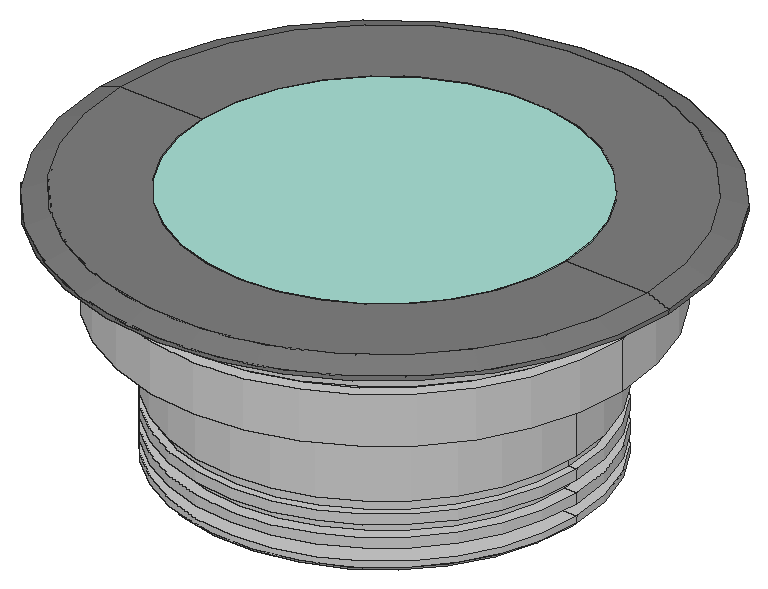
Revit family "Bright 5.F", category Lighting Fixtures, host Face, Revit 2017 (continued)
Types (16, lengths in mm): name | Wattage | Power | Photometric Web File | Optics | built-in parameter 1150142 | built-in parameter 1150105 | Lumens | built-in parameter 1150106 | Apparent Load Phase 1
  Bright 5.F W 15°x47° (3000K 19W 24Vdc) | 10.354 W | "19W" | "BRIGHT 5.F W 15°x47° [3000K 19W 24Vdc].IES" | "15°x47°" | "IESNA:LM-63-2002\r\n[TEST] 20190614-1155.LDT\r\n[TESTLAB] L&L\r\n[TESTDATE] 14 Jun 2019\r\n[ISSUEDATE] 14 Jun 2019\r\n[MANUFAC] L&L\r\n[LUMCAT] BRIGHT 5.F W 15°x47° [3000K 19W 24Vdc]\r\n[LUMINAIRE] BRIGHT 5.F W 15°x47° [3000K 19W 24Vdc]\r\n[FLASHAREA] 0.001900\r\n[LAMPCAT] Power LED High Intensity\r\n[LAMP] Power LED High Intensity\r\nTILT=NONE\r\n3 392.00 1.0 181 73 1 2 -0.100 -0.100 0.000\r\n1.00 1.00 19.00\r\n0.00 1.00 2.00 3.00 4.00 5.00 6.00 7.00 8.00 9.00 10.00 \r\n11.00 12.00 13.00 14.00 15.00 16.00 17.00 18.00 19.00 \r\n20.00 21.00 22.00 23.00 24.00 25.00 26.00 27.00 28.00 \r\n29.00 30.00 31.00 32.00 33.00 34.00 35.00 36.00 37.00 \r\n38.00 39.00 40.00 41.00 42.00 43.00 44.00 45.00 46.00 \r\n47.00 48.00 49.00 50.00 51.00 52.00 53.00 54.00 55.00 \r\n56.00 57.00 58.00 59.00 60.00 61.00 62.00 63.00 64.00 \r\n65.00 66.00 67.00 68.00 69.00 70.00 71.00 72.00 73.00 \r\n74.00 75.00 76.00 77.00 78.00 79.00 80.00 81.00 82.00 \r\n83.00 84.00 85.00 86.00 87.00 88.00 89.00 90.00 91.00 \r\n92.00 93.00 94.00 95.00 96.00 97.00 98.00 99.00 100.00 \r\n101.00 102.00 103.00 104.00 105.00 106.00 107.00 108.00 \r\n109.00 110.00 111.00 112.00 113.00 114.00 115.00 116.00 \r\n117.00 118.00 119.00 120.00 121.00 122.00 123.00 124.00 \r\n125.00 126.00 127.00 128.00 129.00 130.00 131.00 132.00 \r\n133.00 134.00 135.00 136.00 137.00 138.00 139.00 140.00 \r\n141.00 142.00 143.00 144.00 145.00 146.00 147.00 148.00 \r\n149.00 150.00 151.00 152.00 153.00 154.00 155.00 156.00 \r\n157.00 158.00 159.00 160.00 161.00 162.00 163.00 164.00 \r\n165.00 166.00 167.00 168.00 169.00 170.00 171.00 172.00 \r\n173.00 174.00 175.00 176.00 177.00 178.00 179.00 180.00 \r\n0.00 5.00 10.00 15.00 20.00 25.00 30.00 35.00 40.00 45.00 \r\n50.00 55.00 60.00 65.00 70.00 75.00 80.00 85.00 90.00 \r\n95.00 100.00 105.00 110.00 115.00 120.00 125.00 130.00 \r\n135.00 140.00 145.00 150.00 155.00 160.00 165.00 170.00 \r\n175.00 180.00 185.00 190.00 195.00 200.00 205.00 210.00 \r\n215.00 220.00 225.00 230.00 235.00 240.00 245.00 250.00 \r\n255.00 260.00 265.00 270.00 275.00 280.00 285.00 290.00 \r\n295.00 300.00 305.00 310.00 315.00 320.00 325.00 330.00 \r\n335.00 340.00 345.00 350.00 355.00 360.00 \r\n4679.93 4682.91 4650.05 4600.48 4532.96 4463.03 4399.09 \r\n4338.50 4289.44 4254.31 4229.63 4213.39 4196.46 4171.37 \r\n4128.23 4061.15 3970.06 3834.75 3661.12 3458.69 3231.16 \r\n2977.40 2720.12 2433.29 2168.01 1888.70 1643.51 1402.38 \r\n1196.10 996.89 841.76 693.87 568.46 468.59 388.37 325.61 \r\n270.39 228.51 193.14 164.85 139.99 119.35 98.13 82.97 \r\n69.41 59.24 51.62 44.90 39.75 34.52 29.89 25.77 22.25 \r\n18.66 15.96 13.22 11.18 9.17 7.66 6.52 5.61 4.84 4.22 \r\n3.64 3.15 2.77 2.41 2.14 1.91 1.69 1.52 1.33 1.12 0.92 \r\n0.76 0.64 0.56 0.50 0.45 0.41 0.37 0.33 0.30 0.26 0.23 \r\n0.19 0.16 0.13 0.09 0.04 0.01 0.00 0.00 0.00 0.00 0.00 \r\n0.00 0.00 0.00 0.00 0.00 0.00 0.00 0.00 0.00 0.00 0.00 \r\n0.00 0.00 0.00 0.00 0.00 0.00 0.00 0.00 0.00 0.00 0.00 \r\n0.00 0.00 0.00 0.00 0.00 0.00 0.00 0.00 0.00 0.00 0.00 \r\n0.00 0.00 0.00 0.00 0.00 0.00 0.00 0.00 0.00 0.00 0.00 \r\n0.00 0.00 0.00 0.00 0.00 0.00 0.00 0.00 0.00 0.00 0.00 \r\n0.00 0.00 0.00 0.00 0.00 0.00 0.00 0.00 0.00 0.00 0.00 \r\n0.00 0.00 0.00 0.00 0.00 0.00 0.00 0.00 0.00 0.00 0.00 \r\n0.00 0.00 0.00 0.00 0.00 0.00 0.00 0.00 \r\n4679.93 4684.28 4648.88 4598.13 4527.01 4454.72 4378.32 \r\n4313.86 4260.24 4218.38 4186.75 4163.85 4135.34 4099.98 \r\n4047.87 3971.26 3869.77 3724.18 3553.84 3350.13 3112.19 \r\n2863.65 2613.50 2338.79 2068.73 1815.54 1567.78 1343.34 \r\n1142.26 955.67 799.77 662.14 547.34 452.42 372.14 310.20 \r\n261.78 220.99 187.76 160.33 135.84 115.69 96.71 80.91 \r\n68.59 58.38 50.78 44.20 38.68 33.64 29.30 25.08 21.56 \r\n18.20 15.47 12.97 10.76 9.12 7.65 6.48 5.55 4.77 4.12 \r\n3.61 3.12 2.74 2.40 2.11 1.88 1.67 1.49 1.31 1.11 0.91 \r\n0.75 0.64 0.56 0.50 0.45 0.41 0.37 0.33 0.30 0.26 0.23 \r\n0.20 0.16 0.13 0.09 0.03 0.01 0.00 0.00 0.00 0.00 0.00 \r\n0.00 0.00 0.00 0.00 0.00 0.00 0.00 0.00 0.00 0.00 0.00 \r\n0.00 0.00 0.00 0.00 0.00 0.00 0.00 0.00 0.00 0.00 0.00 \r\n0.00 0.00 0.00 0.00 0.00 0.00 0.00 0.00 0.00 0.00 0.00 \r\n0.00 0.00 0.00 0.00 0.00 0.00 0.00 0.00 0.00 0.00 0.00 \r\n0.00 0.00 0.00 0.00 0.00 0.00 0.00 0.00 0.00 0.00 0.00 \r\n0.00 0.00 0.00 0.00 0.00 0.00 0.00 0.00 0.00 0.00 0.00 \r\n0.00 0.00 0.00 0.00 0.00 0.00 0.00 0.00 0.00 0.00 0.00 \r\n0.00 0.00 0.00 0.00 0.00 0.00 0.00 0.00 \r\n4679.93 4684.53 4643.31 4582.88 4507.40 4425.05 4339.09 \r\n4254.66 4179.19 4117.02 4059.29 4011.14 3958.83 3894.71 \r\n3820.39 3719.64 3602.01 3439.35 3263.43 3049.82 2818.43 \r\n2565.77 2339.19 2071.62 1836.83 1597.04 1373.14 1173.00 \r\n984.03 825.68 691.79 574.11 473.57 396.73 329.22 279.80 \r\n234.80 199.60 170.23 146.18 123.95 106.23 89.23 76.30 \r\n65.04 55.45 48.02 41.55 36.22 31.35 26.85 23.05 19.74 \r\n16.59 14.03 11.75 10.06 8.63 7.32 6.29 5.36 4.59 3.95 \r\n3.47 3.02 2.68 2.33 2.07 1.83 1.63 1.41 1.24 1.06 0.89 \r\n0.73 0.62 0.55 0.48 0.44 0.40 0.36 0.32 0.29 0.26 0.23 \r\n0.19 0.16 0.13 0.09 0.04 0.01 0.00 0.00 0.00 0.00 0.00 \r\n0.00 0.00 0.00 0.00 0.00 0.00 0.00 0.00 0.00 0.00 0.00 \r\n0.00 0.00 0.00 0.00 0.00 0.00 0.00 0.00 0.00 0.00 0.00 \r\n0.00 0.00 0.00 0.00 0.00 0.00 0.00 0.00 0.00 0.00 0.00 \r\n0.00 0.00 0.00 0.00 0.00 0.00 0.00 0.00 0.00 0.00 0.00 \r\n0.00 0.00 0.00 0.00 0.00 0.00 0.00 0.00 0.00 0.00 0.00 \r\n0.00 0.00 0.00 0.00 0.00 0.00 0.00 0.00 0.00 0.00 0.00 \r\n0.00 0.00 0.00 0.00 0.00 0.00 0.00 0.00 0.00 0.00 0.00 \r\n0.00 0.00 0.00 0.00 0.00 0.00 0.00 0.00 \r\n4679.93 4681.99 4633.01 4561.32 4471.15 4371.05 4260.65 \r\n4155.82 4053.21 3961.12 3866.07 3777.83 3683.30 3588.97 \r\n3467.57 3343.43 3196.04 3015.25 2822.70 2612.36 2393.77 \r\n2165.33 1939.25 1715.81 1501.52 1294.27 1112.93 942.09 \r\n793.93 661.30 552.64 463.81 388.40 327.07 276.67 236.67 \r\n201.68 173.27 148.97 129.25 110.07 93.85 80.24 69.43 \r\n59.46 51.05 43.84 37.87 32.79 27.95 24.04 20.37 17.36 \r\n14.45 12.31 10.56 9.18 7.98 6.91 5.95 5.09 4.38 3.77 3.31 \r\n2.89 2.57 2.26 1.99 1.76 1.53 1.32 1.15 0.99 0.84 0.70 \r\n0.60 0.52 0.47 0.42 0.38 0.34 0.31 0.28 0.25 0.22 0.19 \r\n0.16 0.12 0.09 0.03 0.01 0.00 0.00 0.00 0.00 0.00 0.00 \r\n0.00 0.00 0.00 0.00 0.00 0.00 0.00 0.00 0.00 0.00 0.00 \r\n0.00 0.00 0.00 0.00 0.00 0.00 0.00 0.00 0.00 0.00 0.00 \r\n0.00 0.00 0.00 0.00 0.00 0.00 0.00 0.00 0.00 0.00 0.00 \r\n0.00 0.00 0.00 0.00 0.00 0.00 0.00 0.00 0.00 0.00 0.00 \r\n0.00 0.00 0.00 0.00 0.00 0.00 0.00 0.00 0.00 0.00 0.00 \r\n0.00 0.00 0.00 0.00 0.00 0.00 0.00 0.00 0.00 0.00 0.00 \r\n0.00 0.00 0.00 0.00 0.00 0.00 0.00 0.00 0.00 0.00 0.00 \r\n0.00 0.00 0.00 0.00 0.00 0.00 0.00 \r\n4679.93 4676.73 4620.86 4539.17 4426.47 4301.99 4163.98 \r\n4032.54 3887.35 3751.85 3614.59 3484.03 3344.39 3206.14 \r\n3056.54 2900.73 2723.48 2539.76 2332.98 2141.24 1926.04 \r\n1721.90 1523.52 1332.56 1150.70 985.68 845.59 717.13 \r\n601.81 504.41 426.54 357.82 305.75 259.65 223.57 192.68 \r\n167.20 145.40 126.83 109.81 94.32 80.94 69.67 60.66 52.64 \r\n45.54 39.11 33.49 28.47 24.30 20.64 17.38 14.80 12.71 \r\n11.02 9.53 8.34 7.20 6.29 5.46 4.76 4.15 3.63 3.15 2.78 \r\n2.45 2.18 1.92 1.65 1.43 1.24 1.08 0.94 0.80 0.68 0.58 \r\n0.50 0.44 0.40 0.36 0.33 0.30 0.27 0.24 0.21 0.18 0.15 \r\n0.12 0.08 0.04 0.01 0.00 0.00 0.00 0.00 0.00 0.00 0.00 \r\n0.00 0.00 0.00 0.00 0.00 0.00 0.00 0.00 0.00 0.00 0.00 \r\n0.00 0.00 0.00 0.00 0.00 0.00 0.00 0.00 0.00 0.00 0.00 \r\n0.00 0.00 0.00 0.00 0.00 0.00 0.00 0.00 0.00 0.00 0.00 \r\n0.00 0.00 0.00 0.00 0.00 0.00 0.00 0.00 0.00 0.00 0.00 \r\n0.00 0.00 0.00 0.00 0.00 0.00 0.00 0.00 0.00 0.00 0.00 \r\n0.00 0.00 0.00 0.00 0.00 0.00 0.00 0.00 0.00 0.00 0.00 \r\n0.00 0.00 0.00 0.00 0.00 0.00 0.00 0.00 0.00 0.00 0.00 \r\n0.00 0.00 0.00 0.00 0.00 0.00 \r\n4679.93 4673.55 4602.85 4508.91 4376.92 4220.93 4054.43 \r\n3881.24 3694.44 3516.14 3336.46 3159.19 2978.29 2798.44 \r\n2622.10 2440.34 2247.77 2053.59 1866.74 1670.21 1485.32 \r\n1307.01 1144.92 988.96 853.35 728.30 625.23 528.35 448.06 \r\n381.31 322.96 277.17 239.71 207.64 181.03 158.76 139.12 \r\n122.45 105.92 92.67 79.58 69.06 60.15 52.22 45.56 39.61 \r\n33.96 29.03 24.59 20.66 17.43 14.89 12.99 11.31 9.84 8.58 \r\n7.51 6.59 5.73 5.01 4.41 3.88 3.43 3.04 2.66 2.35 2.06 \r\n1.80 1.56 1.35 1.17 1.02 0.89 0.77 0.65 0.55 0.48 0.43 \r\n0.38 0.35 0.32 0.29 0.26 0.23 0.20 0.18 0.15 0.12 0.08 \r\n0.03 0.01 0.00 0.00 0.00 0.00 0.00 0.00 0.00 0.00 0.00 \r\n0.00 0.00 0.00 0.00 0.00 0.00 0.00 0.00 0.00 0.00 0.00 \r\n0.00 0.00 0.00 0.00 0.00 0.00 0.00 0.00 0.00 0.00 0.00 \r\n0.00 0.00 0.00 0.00 0.00 0.00 0.00 0.00 0.00 0.00 0.00 \r\n0.00 0.00 0.00 0.00 0.00 0.00 0.00 0.00 0.00 0.00 0.00 \r\n0.00 0.00 0.00 0.00 0.00 0.00 0.00 0.00 0.00 0.00 0.00 \r\n0.00 0.00 0.00 0.00 0.00 0.00 0.00 0.00 0.00 0.00 0.00 \r\n0.00 0.00 0.00 0.00 0.00 0.00 0.00 0.00 0.00 0.00 0.00 \r\n0.00 0.00 0.00 0.00 \r\n4679.93 4667.62 4589.69 4466.40 4315.28 4126.82 3925.74 \r\n3708.80 3485.32 3272.63 3050.10 2837.81 2613.42 2410.55 \r\n2205.16 2009.00 1821.51 1628.19 1454.03 1279.89 1123.85 \r\n978.73 849.27 731.55 627.57 534.69 459.66 393.09 337.65 \r\n291.59 251.81 218.74 191.66 168.20 147.91 131.11 115.41 \r\n101.50 88.69 77.64 67.23 58.68 51.05 44.68 38.83 33.70 \r\n28.92 24.57 20.85 17.69 15.20 13.27 11.66 10.17 8.93 7.80 \r\n6.85 6.01 5.26 4.61 4.08 3.62 3.21 2.85 2.52 2.23 1.93 \r\n1.70 1.48 1.29 1.11 0.97 0.85 0.74 0.63 0.53 0.46 0.41 \r\n0.37 0.34 0.31 0.28 0.25 0.22 0.20 0.17 0.15 0.12 0.08 \r\n0.04 0.01 0.00 0.00 0.00 0.00 0.00 0.00 0.00 0.00 0.00 \r\n0.00 0.00 0.00 0.00 0.00 0.00 0.00 0.00 0.00 0.00 0.00 \r\n0.00 0.00 0.00 0.00 0.00 0.00 0.00 0.00 0.00 0.00 0.00 \r\n0.00 0.00 0.00 0.00 0.00 0.00 0.00 0.00 0.00 0.00 0.00 \r\n0.00 0.00 0.00 0.00 0.00 0.00 0.00 0.00 0.00 0.00 0.00 \r\n0.00 0.00 0.00 0.00 0.00 0.00 0.00 0.00 0.00 0.00 0.00 \r\n0.00 0.00 0.00 0.00 0.00 0.00 0.00 0.00 0.00 0.00 0.00 \r\n0.00 0.00 0.00 0.00 0.00 0.00 0.00 0.00 0.00 0.00 0.00 \r\n0.00 0.00 0.00 0.00 \r\n4679.93 4660.84 4568.36 4422.62 4251.52 4034.73 3797.41 \r\n3548.78 3278.82 3019.67 2766.54 2522.16 2271.95 2052.46 \r\n1838.29 1645.09 1458.22 1282.26 1121.14 977.12 848.30 \r\n733.50 634.70 548.64 472.27 407.02 351.22 304.05 264.66 \r\n231.21 202.72 178.58 157.31 139.03 123.13 109.28 96.94 \r\n85.09 74.65 64.93 56.46 49.48 43.52 38.09 33.25 28.70 \r\n24.56 21.15 18.25 15.88 13.82 12.09 10.56 9.29 8.13 7.13 \r\n6.28 5.52 4.84 4.27 3.79 3.36 2.97 2.62 2.32 2.06 1.83 \r\n1.60 1.42 1.23 1.07 0.93 0.82 0.71 0.60 0.52 0.45 0.39 \r\n0.36 0.32 0.30 0.27 0.24 0.22 0.19 0.17 0.14 0.12 0.08 \r\n0.03 0.01 0.00 0.00 0.00 0.00 0.00 0.00 0.00 0.00 0.00 \r\n0.00 0.00 0.00 0.00 0.00 0.00 0.00 0.00 0.00 0.00 0.00 \r\n0.00 0.00 0.00 0.00 0.00 0.00 0.00 0.00 0.00 0.00 0.00 \r\n0.00 0.00 0.00 0.00 0.00 0.00 0.00 0.00 0.00 0.00 0.00 \r\n0.00 0.00 0.00 0.00 0.00 0.00 0.00 0.00 0.00 0.00 0.00 \r\n0.00 0.00 0.00 0.00 0.00 0.00 0.00 0.00 0.00 0.00 0.00 \r\n0.00 0.00 0.00 0.00 0.00 0.00 0.00 0.00 0.00 0.00 0.00 \r\n0.00 0.00 0.00 0.00 0.00 0.00 0.00 0.00 0.00 0.00 0.00 \r\n0.00 0.00 0.00 0.00 \r\n4679.93 4655.39 4549.50 4388.01 4178.50 3936.28 3657.28 \r\n3368.15 3080.53 2781.91 2503.69 2235.76 1975.11 1746.19 \r\n1538.76 1348.72 1172.57 1017.50 882.38 764.62 658.24 \r\n567.43 491.64 426.85 370.66 322.12 281.86 246.29 217.40 \r\n190.34 168.65 149.15 132.07 117.21 103.90 92.34 81.45 \r\n71.89 63.11 55.21 48.12 42.28 36.93 32.38 28.37 24.73 \r\n21.61 19.01 16.76 14.68 12.79 11.20 9.79 8.53 7.51 6.60 \r\n5.80 5.11 4.52 3.97 3.50 3.08 2.70 2.38 2.13 1.92 1.71 \r\n1.52 1.34 1.18 1.03 0.90 0.79 0.69 0.58 0.49 0.43 0.38 \r\n0.34 0.31 0.28 0.26 0.23 0.21 0.19 0.16 0.14 0.11 0.08 \r\n0.04 0.01 0.00 0.00 0.00 0.00 0.00 0.00 0.00 0.00 0.00 \r\n0.00 0.00 0.00 0.00 0.00 0.00 0.00 0.00 0.00 0.00 0.00 \r\n0.00 0.00 0.00 0.00 0.00 0.00 0.00 0.00 0.00 0.00 0.00 \r\n0.00 0.00 0.00 0.00 0.00 0.00 0.00 0.00 0.00 0.00 0.00 \r\n0.00 0.00 0.00 0.00 0.00 0.00 0.00 0.00 0.00 0.00 0.00 \r\n0.00 0.00 0.00 0.00 0.00 0.00 0.00 0.00 0.00 0.00 0.00 \r\n0.00 0.00 0.00 0.00 0.00 0.00 0.00 0.00 0.00 0.00 0.00 \r\n0.00 0.00 0.00 0.00 0.00 0.00 0.00 0.00 0.00 0.00 0.00 \r\n0.00 0.00 0.00 0.00 \r\n4679.93 4649.54 4527.57 4346.71 4105.69 3838.08 3523.87 \r\n3198.05 2883.73 2566.97 2266.98 1988.07 1719.63 1493.69 \r\n1298.89 1115.76 959.47 825.81 711.83 614.75 531.59 461.33 \r\n401.77 350.00 306.29 267.25 235.12 207.41 183.11 162.80 \r\n143.59 127.65 113.69 100.88 89.39 79.20 70.03 61.85 54.36 \r\n47.81 41.76 36.39 31.91 27.97 24.72 21.97 19.66 17.58 \r\n15.68 13.85 12.15 10.60 9.26 8.07 7.02 6.16 5.44 4.80 \r\n4.20 3.67 3.20 2.80 2.47 2.22 1.99 1.79 1.61 1.44 1.29 \r\n1.14 1.00 0.88 0.77 0.66 0.56 0.47 0.41 0.36 0.33 0.30 \r\n0.27 0.25 0.23 0.20 0.18 0.16 0.14 0.11 0.08 0.03 0.01 \r\n0.00 0.00 0.00 0.00 0.00 0.00 0.00 0.00 0.00 0.00 0.00 \r\n0.00 0.00 0.00 0.00 0.00 0.00 0.00 0.00 0.00 0.00 0.00 \r\n0.00 0.00 0.00 0.00 0.00 0.00 0.00 0.00 0.00 0.00 0.00 \r\n0.00 0.00 0.00 0.00 0.00 0.00 0.00 0.00 0.00 0.00 0.00 \r\n0.00 0.00 0.00 0.00 0.00 0.00 0.00 0.00 0.00 0.00 0.00 \r\n0.00 0.00 0.00 0.00 0.00 0.00 0.00 0.00 0.00 0.00 0.00 \r\n0.00 0.00 0.00 0.00 0.00 0.00 0.00 0.00 0.00 0.00 0.00 \r\n0.00 0.00 0.00 0.00 0.00 0.00 0.00 0.00 0.00 0.00 0.00 \r\n0.00 0.00 \r\n4679.93 4615.22 4513.12 4303.82 4039.32 3735.65 3403.38 \r\n3055.09 2702.43 2370.32 2055.87 1785.80 1521.40 1292.00 \r\n1105.85 945.17 813.02 695.15 597.47 518.06 448.22 389.39 \r\n342.36 298.70 263.41 231.04 203.65 179.92 159.00 141.04 \r\n125.30 111.15 98.84 87.82 78.02 69.51 61.67 54.59 48.01 \r\n42.02 36.54 31.97 27.96 24.83 22.25 20.13 18.21 16.49 \r\n14.85 13.27 11.77 10.32 9.01 7.77 6.76 5.91 5.16 4.48 \r\n3.88 3.35 2.93 2.60 2.33 2.10 1.89 1.69 1.52 1.37 1.24 \r\n1.11 0.98 0.87 0.76 0.64 0.54 0.45 0.39 0.35 0.32 0.29 \r\n0.26 0.24 0.22 0.20 0.18 0.15 0.13 0.11 0.08 0.04 0.01 \r\n0.00 0.00 0.00 0.00 0.00 0.00 0.00 0.00 0.00 0.00 0.00 \r\n0.00 0.00 0.00 0.00 0.00 0.00 0.00 0.00 0.00 0.00 0.00 \r\n0.00 0.00 0.00 0.00 0.00 0.00 0.00 0.00 0.00 0.00 0.00 \r\n0.00 0.00 0.00 0.00 0.00 0.00 0.00 0.00 0.00 0.00 0.00 \r\n0.00 0.00 0.00 0.00 0.00 0.00 0.00 0.00 0.00 0.00 0.00 \r\n0.00 0.00 0.00 0.00 0.00 0.00 0.00 0.00 0.00 0.00 0.00 \r\n0.00 0.00 0.00 0.00 0.00 0.00 0.00 0.00 0.00 0.00 0.00 \r\n0.00 0.00 0.00 0.00 0.00 0.00 0.00 0.00 0.00 0.00 0.00 \r\n0.00 0.00 \r\n4679.93 4603.44 4468.09 4271.71 3987.97 3652.93 3291.70 \r\n2929.90 2565.74 2215.12 1891.83 1610.61 1354.53 1146.44 \r\n973.50 822.85 704.30 602.87 520.61 450.56 392.05 343.90 \r\n301.87 264.86 232.48 204.14 180.26 159.63 141.48 125.21 \r\n111.15 98.99 87.71 78.36 69.63 62.22 55.33 48.99 43.09 \r\n37.68 32.84 28.67 25.25 22.66 20.59 18.79 17.18 15.64 \r\n14.17 12.80 11.48 10.18 8.94 7.75 6.70 5.73 4.89 4.17 \r\n3.59 3.14 2.79 2.49 2.23 2.00 1.80 1.62 1.47 1.32 1.19 \r\n1.07 0.96 0.86 0.74 0.63 0.52 0.44 0.38 0.34 0.31 0.28 \r\n0.26 0.23 0.21 0.19 0.17 0.15 0.13 0.11 0.08 0.03 0.01 \r\n0.00 0.00 0.00 0.00 0.00 0.00 0.00 0.00 0.00 0.00 0.00 \r\n0.00 0.00 0.00 0.00 0.00 0.00 0.00 0.00 0.00 0.00 0.00 \r\n0.00 0.00 0.00 0.00 0.00 0.00 0.00 0.00 0.00 0.00 0.00 \r\n0.00 0.00 0.00 0.00 0.00 0.00 0.00 0.00 0.00 0.00 0.00 \r\n0.00 0.00 0.00 0.00 0.00 0.00 0.00 0.00 0.00 0.00 0.00 \r\n0.00 0.00 0.00 0.00 0.00 0.00 0.00 0.00 0.00 0.00 0.00 \r\n0.00 0.00 0.00 0.00 0.00 0.00 0.00 0.00 0.00 0.00 0.00 \r\n0.00 0.00 0.00 0.00 0.00 0.00 0.00 0.00 0.00 0.00 0.00 \r\n0.00 0.00 \r\n4679.93 4612.96 4414.98 4167.98 3860.13 3510.92 3132.28 \r\n2752.81 2393.35 2044.18 1732.63 1466.52 1225.21 1024.93 \r\n866.61 735.28 626.91 537.27 464.19 403.25 352.66 308.40 \r\n271.21 238.10 209.74 183.98 161.58 142.92 126.68 112.05 \r\n99.77 88.97 79.22 70.66 62.98 56.37 50.36 44.52 39.17 \r\n34.27 29.96 26.31 23.39 21.29 19.45 17.79 16.29 14.91 \r\n13.57 12.37 11.14 9.98 8.81 7.67 6.54 5.46 4.61 3.93 3.43 \r\n3.04 2.70 2.41 2.16 1.94 1.75 1.58 1.43 1.29 1.16 1.05 \r\n0.96 0.85 0.72 0.61 0.51 0.43 0.37 0.33 0.30 0.27 0.25 \r\n0.23 0.21 0.19 0.17 0.15 0.13 0.10 0.07 0.03 0.01 0.00 \r\n0.00 0.00 0.00 0.00 0.00 0.00 0.00 0.00 0.00 0.00 0.00 \r\n0.00 0.00 0.00 0.00 0.00 0.00 0.00 0.00 0.00 0.00 0.00 \r\n0.00 0.00 0.00 0.00 0.00 0.00 0.00 0.00 0.00 0.00 0.00 \r\n0.00 0.00 0.00 0.00 0.00 0.00 0.00 0.00 0.00 0.00 0.00 \r\n0.00 0.00 0.00 0.00 0.00 0.00 0.00 0.00 0.00 0.00 0.00 \r\n0.00 0.00 0.00 0.00 0.00 0.00 0.00 0.00 0.00 0.00 0.00 \r\n0.00 0.00 0.00 0.00 0.00 0.00 0.00 0.00 0.00 0.00 0.00 \r\n0.00 
